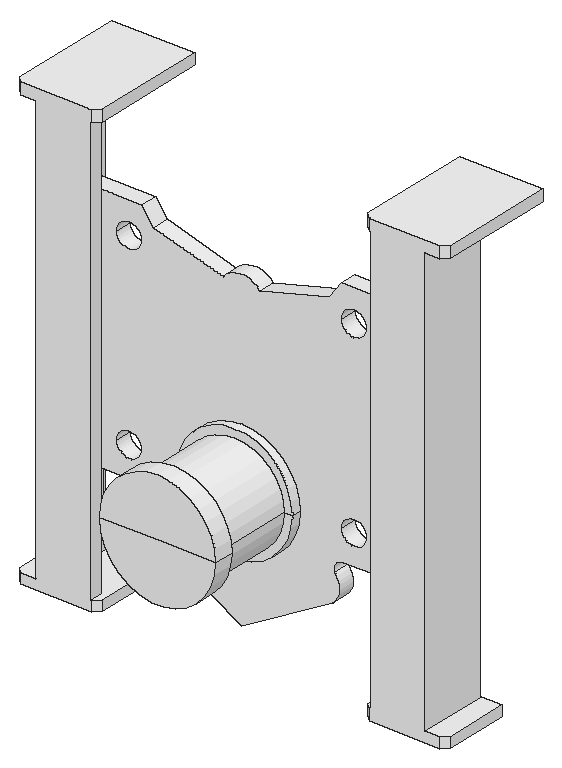
Revit family "Plumbing Fixture-Water_Closet_Carrier_Mifab_MC-21", category Plumbing Fixtures, host Face, Revit 2013
Parameters
  WFU = 0
  URL = "www.mifab.com"
  Model = "MC-21"
  Manufacturer = "MIFAB"
  Floor Drain Material = Paint - Sherwin Williams Paint - #952C2A - Bellwood Red
  Description = "Compact Rear Outlet Water Closet Carrier Without Fitting"
  Default Elevation = 0.000"
  Assembly Code = ""
Reference planes (in)
  plane 1 "Center (Front/Back)": y = 0
  plane 2: z = 0
  plane 3 "Center (Left/Right)": x = 0
Forms (in)
  Extrusion 1, solid, material "Paint - Sherwin Williams Paint - #952C2A - Bellwood Red"
    sketch origin (0.19123, -0.627, -8.13709) x (1, 0, 0) y (0, 0, 1)
      loop
        line (-7.2342, 23.04283) -> (-7.2342, 10.16783) -> (-6.1042, 10.16783) -> (-6.1042, 12.75458)
        arc (-6.1042, 12.75458) -> (-6.01199, 12.96623) -> (-5.7942, 13.04283) r 0.28902
        line (-5.7942, 13.04283) -> (-4.07878, 13.04283)
        arc (-4.07878, 13.04283) -> (-3.77847, 12.89241) -> (-3.71908, 12.56182) r 0.375
        arc (-3.71908, 12.56182) -> (-3.93299, 11.98304) -> (-3.6544, 11.43246) r 0.77182
        line (-3.6544, 11.43246) -> (0, 9.32259) -> (3.6544, 11.43246)
        arc (3.6544, 11.43246) -> (3.93299, 11.98304) -> (3.71908, 12.56182) r 0.77182
        arc (3.71908, 12.56182) -> (3.77847, 12.89241) -> (4.07878, 13.04283) r 0.375
        line (4.07878, 13.04283) -> (5.7942, 13.04283)
        arc (5.7942, 13.04283) -> (6.01199, 12.96623) -> (6.1042, 12.75458) r 0.28902
        line (6.1042, 12.75458) -> (6.1042, 10.16783) -> (7.2342, 10.16783) -> (7.2342, 23.04283) -> (3.9842, 23.04283) -> (3.52337, 22.3847) -> (0.72608, 21.60568)
        arc (0.72608, 21.60568) -> (0, 21.94215) -> (-0.72608, 21.60568) r 0.95164
        line (-0.72608, 21.60568) -> (-3.52337, 22.3847) -> (-3.9842, 23.04283) -> (-7.2342, 23.04283)
      loop
        circle (-4.5, 21.75) r 0.5
      loop
        circle (-4.5, 14.25) r 0.5
      loop
        circle (4.5, 14.25) r 0.5
      loop
        circle (4.5, 21.75) r 0.5
    from 0 to 0.65625
  Extrusion 2, solid, material "Paint - Sherwin Williams Paint - #952C2A - Bellwood Red"
    sketch origin (0.19123, 0, 24.87613) x (-1, 0, 0) y (0, -1, 0)
      loop
        line (5.55353, 1.84575) -> (5.31343, 1.60565) -> (5.31343, -2.99352) -> (8.625, -2.99352) -> (8.625, 1.60565) -> (8.3849, 1.84575) -> (5.55353, 1.84575)
      loop
        line (-5.55353, 1.84575) -> (-8.3849, 1.84575) -> (-8.625, 1.60565) -> (-8.625, -2.99352) -> (-5.31343, -2.99352) -> (-5.31343, 1.60565) -> (-5.55353, 1.84575)
    from -6.87613 to -7.32613
  Extrusion 3, solid, material "Paint - Sherwin Williams Paint - #952C2A - Bellwood Red"
    sketch origin (0.19123, 0, 0.15738) x (0, 1, 0) y (-1, 0, 0)
      loop
        line (-1.84575, 5.55353) -> (-1.60565, 5.31343) -> (0.9494, 5.31343) -> (0.9494, 8.625) -> (-1.60565, 8.625) -> (-1.84575, 8.3849) -> (-1.84575, 5.55353)
      loop
        line (-1.84575, -5.55353) -> (-1.84575, -8.3849) -> (-1.60565, -8.625) -> (0.9494, -8.625) -> (0.9494, -5.31343) -> (-1.60565, -5.31343) -> (-1.84575, -5.55353)
    from 0.24829 to -0.15738
  Revolve 4, solid, material "Paint - Sherwin Williams Paint - #952C2A - Bellwood Red"
    sketch origin (0.19123, 0, 6.11291) x (1, 0, 0) y (0, 1, 0)
      loop
        line (0, -5.48011) -> (0, -1.28325) -> (-2, -1.28325) -> (-2.3265, -1.28325) -> (-2.3265, -1.66021) -> (-2, -1.66021) -> (-2, -4.70704) -> (-2.3265, -4.70704) -> (-2.3265, -5.48011) -> (0, -5.48011)
      axis (0, -5.48011) -> (0, -1.28325)
    angle from 0 to 360
  Extrusion 5, solid, material "Paint - Sherwin Williams Paint - #952C2A - Bellwood Red"
    sketch origin (0.19123, -0.9415, -3.34433) x (1, 0, 0) y (0, 1, 0)
      loop
        line (-5.6092, -0.373) -> (-7.24936, -0.373) -> (-7.24936, 1.84575) -> (-7.78061, 1.84575) -> (-7.78061, -0.90425) -> (-5.6092, -0.90425) -> (-5.6092, -0.373)
      loop
        line (5.6092, -0.373) -> (5.6092, -0.90425) -> (7.78061, -0.90425) -> (7.78061, 1.84575) -> (7.24936, 1.84575) -> (7.24936, -0.373) -> (5.6092, -0.373)
    from 3.34433 to 21.34433
Cuts and joins
  joined: Extrusion 1, Extrusion 2, Extrusion 3, Revolve 4, Extrusion 5
Dimensions and locks (in)
  Extrusion 1 sketch curve to Extrusion 1 sketch curve = 7.500"
  aligned and locked: plane 2 to host face
  aligned and locked: level to host face
  aligned and locked: Extrusion 3 to host face
Connectors (in)
  piping at (0.19123, -5.48011, 6.11291)
    settings: on Revolve 4, index 6, connector radius 2.3", flow factor 0, pipe flow 0 GPM, pressure drop 0.00 psi, fitting loss kfactor 0, connector angle 0.00°, fixture units 0, engagement length 0.000", flow configuration 0, flow direction 0, fitting loss method 0, system type 7, joint type 0, gender type 0, connector reference index -1, connector utility 0, adjustable connector no, is connector primary yes, fitting loss table "", connector description ""
